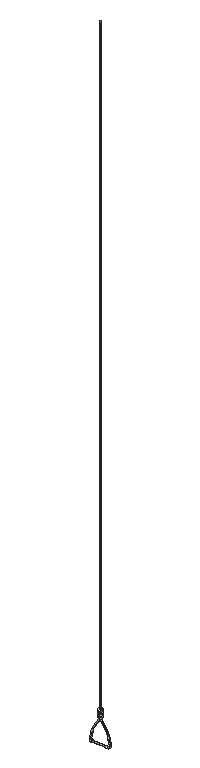
Revit family "Wire-HunterDouglas-Box-DeepBox-Series", category Specialty Equipment, Revit 2012
Parameters (values of type "Parametric")
  ecoScorecard_data = "http://products.ecoscorecard.com/hunterdouglascontract/LBD2468L"
  ecoScorecard Product Page = "http://hunterdouglascontract.ecoscorecard.com/product/LBD2468L?base_search=product_category_A1035"
  Wire Hanger = Metal - Aluminum Frame - HunterDouglas - Painted White
  URL = "http://www.hunterdouglascontract.com/ceilings/index.jsp"
  Subcategory = "Metal – Linear"  # constant formula
  Product Line = "6-7 Box Series & Deep Box"  # constant formula
  Model = "6-7 Box Series & Deep Box Hanger Wire"  # constant formula
  Manufacturer = "Hunter Douglas Luxalon Metal Ceilings"  # constant formula
  Hanger Wire Height [instance] = 3' - 0"
  Description = "Hanger_Wire"  # constant formula
  Assembly Code = "C3030200"
  95 CSI = "09510"  # constant formula
  04 CSI = "09 51 00"  # constant formula
Reference planes (in)
  plane 1 "Center (Front/Back)": y = 0
  plane 2: z = 0
  plane 3 "Center (Left/Right)": x = 0
  plane 4: x = -0.77248
  plane 5: x = 0.77248
  plane 6: z = 2.4375
  plane 7: z = 2.5
  plane 8: z = 36
Dimensions and locks (in)
  equal spacing: plane 4, plane 3 "Center (Left/Right)", plane 5
  plane 4 to plane 5 = 0' - 1.54495"
  locked: plane 6 to plane 7 at 0.0625
  locked: plane 6 to level at 2.4375
  "Hanger Wire Height": plane 8 to level
  aligned and locked: level to plane 2
  aligned and locked: plane 3 "Center (Left/Right)" to nested 1
  aligned and locked: plane 1 "Center (Front/Back)" to nested 1
  aligned and locked: plane 6 to nested 1
Nested families (in)
  nested 1: "Wire" at (0, 0, 0), type "Parametric"
Definition of nested family "Wire"
  Parameters (values of type "Parametric")
    Wire Hanger = Metal - Aluminum Frame - HunterDouglas - Painted White
    URL = "http://www.hunterdouglascontract.com/ceilings/index.jsp"
    Subcategory = "Metal – Linear"  # constant formula
    Product Line = "6-7 Box Series & Deep Box"  # constant formula
    Model = "6-7 Box Series & Deep Box Hanger Wire"  # constant formula
    Manufacturer = "Hunter Douglas Luxalon Metal Ceilings"  # constant formula
    HangerWire Length = 3' - 0"
    Description = "Hanger_Wire"  # constant formula
    Assembly Code = "C3030200"
    95 CSI = "09510"  # constant formula
    04 CSI = "09 51 00"  # constant formula
  Reference planes (in)
    plane 1 "Center (Front/Back)": y = 0
    plane 2: z = 0
    plane 3 "Center (Left/Right)": x = 0
    plane 4: x = -0.77248
    plane 5: x = 0.77248
    plane 6: z = 2.4375
    plane 7: z = 2.5
    plane 8: z = 36
  Forms (in)
    Sweep 1, solid, material "Metal - Aluminum Frame - HunterDouglas - Painted White" <- "Wire Hanger", detail levels fine
      path origin (0, 0, 0) x (1, 0, 0) y (0, 0, 1)
        loop
          line (0.03125, 36) -> (0.03125, 3.70793) -> (0.38236, 3.14135)
          arc (0.38236, 3.14135) -> (0.44435, 3.01623) -> (0.48166, 2.88166) r 0.73777
          line (0.48166, 2.88166) -> (0.5376, 2.56649)
          arc (0.5376, 2.56649) -> (0.51364, 2.47677) -> (0.42949, 2.4375) r 0.1098
          line (0.42949, 2.4375) -> (-0.42976, 2.4375)
          arc (-0.42976, 2.4375) -> (-0.51374, 2.47669) -> (-0.53765, 2.56622) r 0.10957
          line (-0.53765, 2.56622) -> (-0.48246, 2.87715)
          arc (-0.48246, 2.87715) -> (-0.44395, 3.01607) -> (-0.37995, 3.14524) r 0.76163
          line (-0.37995, 3.14524) -> (-0.0384, 3.69638)
      profile origin (-0.00014, 0, 2.4375) x (0, 0, -1) y (0, -1, 0)
        loop
          circle (-0.03125, 0) r 0.03125
    Revolve 2, solid, material "Metal - Aluminum Frame - HunterDouglas - Painted White" <- "Wire Hanger", detail levels fine
      sketch origin (-1.10243, 0, 0.17393) x (0.947216, 0, -0.320596) y (0.320596, 0, 0.947216)
        loop
          line (-0.19925, 4.08974) -> (-0.26999, 4.08974)
          arc (-0.26999, 4.08974) -> (-0.30124, 4.05849) -> (-0.26999, 4.02724) r 0.03125
          line (-0.26999, 4.02724) -> (-0.19925, 4.02724) -> (-0.19925, 4.08974)
        axis (-0.19925, 4.02724) -> (-0.19925, 4.08974)
      angle from 0 to 360
    Revolve 3, solid, material "Metal - Aluminum Frame - HunterDouglas - Painted White" <- "Wire Hanger", detail levels fine
      sketch origin (-1.10243, 0, 0.1083) x (0.947216, 0, -0.320596) y (0.320596, 0, 0.947216)
        loop
          line (-0.19925, 4.08974) -> (-0.26999, 4.08974)
          arc (-0.26999, 4.08974) -> (-0.30124, 4.05849) -> (-0.26999, 4.02724) r 0.03125
          line (-0.26999, 4.02724) -> (-0.19925, 4.02724) -> (-0.19925, 4.08974)
        axis (-0.19925, 4.02724) -> (-0.19925, 4.08974)
      angle from 0 to 360
    Revolve 4, solid, material "Metal - Aluminum Frame - HunterDouglas - Painted White" <- "Wire Hanger", detail levels fine
      sketch origin (-1.10243, 0, 0.04197) x (0.947216, 0, -0.320596) y (0.320596, 0, 0.947216)
        loop
          line (-0.19925, 4.08974) -> (-0.26999, 4.08974)
          arc (-0.26999, 4.08974) -> (-0.30124, 4.05849) -> (-0.26999, 4.02724) r 0.03125
          line (-0.26999, 4.02724) -> (-0.19925, 4.02724) -> (-0.19925, 4.08974)
        axis (-0.19925, 4.02724) -> (-0.19925, 4.08974)
      angle from 0 to 360
    Revolve 5, solid, material "Metal - Aluminum Frame - HunterDouglas - Painted White" <- "Wire Hanger", detail levels fine
      sketch origin (-1.10243, 0, -0.02402) x (0.947216, 0, -0.320596) y (0.320596, 0, 0.947216)
        loop
          line (-0.19925, 4.08974) -> (-0.26999, 4.08974)
          arc (-0.26999, 4.08974) -> (-0.30124, 4.05849) -> (-0.26999, 4.02724) r 0.03125
          line (-0.26999, 4.02724) -> (-0.19925, 4.02724) -> (-0.19925, 4.08974)
        axis (-0.19925, 4.02724) -> (-0.19925, 4.08974)
      angle from 0 to 360
    Revolve 6, solid, material "Metal - Aluminum Frame - HunterDouglas - Painted White" <- "Wire Hanger", detail levels fine
      sketch origin (-1.10243, 0, -0.09) x (0.947216, 0, -0.320596) y (0.320596, 0, 0.947216)
        loop
          line (-0.19925, 4.08974) -> (-0.26999, 4.08974)
          arc (-0.26999, 4.08974) -> (-0.30124, 4.05849) -> (-0.26999, 4.02724) r 0.03125
          line (-0.26999, 4.02724) -> (-0.19925, 4.02724) -> (-0.19925, 4.08974)
        axis (-0.19925, 4.02724) -> (-0.19925, 4.08974)
      angle from 0 to 360
    Revolve 7, solid, material "Metal - Aluminum Frame - HunterDouglas - Painted White" <- "Wire Hanger", detail levels fine
      sketch origin (-1.10243, 0, -0.15751) x (0.947216, 0, -0.320596) y (0.320596, 0, 0.947216)
        loop
          line (-0.19925, 4.08974) -> (-0.26999, 4.08974)
          arc (-0.26999, 4.08974) -> (-0.30124, 4.05849) -> (-0.26999, 4.02724) r 0.03125
          line (-0.26999, 4.02724) -> (-0.19925, 4.02724) -> (-0.19925, 4.08974)
        axis (-0.19925, 4.02724) -> (-0.19925, 4.08974)
      angle from 0 to 360
  Cuts and joins
    joined: Sweep 1, Revolve 3, Revolve 5, Revolve 7
  Lines and regions (in)
    model lines, style "Wire", detail levels coarse+medium
      curve 1: line (0, 0, 36) -> (0, 0, 2.5)
    symbolic lines, style "Wire", detail levels fine
      curve 2: line (-0.50903, 0.03125, 0) -> (-0.08588, 0.03125, 0)
      curve 3: line (0.50903, -0.03126, 0) -> (0.10541, -0.03126, 0)
      curve 4: arc (0.50903, 0.03125, 0) -> (0.54029, 0, 0) -> (0.50903, -0.03126, 0) r 0.03125
      curve 5: arc (-0.50903, 0.03125, 0) -> (-0.54029, 0, 0) -> (-0.50903, -0.03126, 0) r 0.03125
      curve 6: circle (0.00977, 0, 0) r 0.10062 normal (0, 0, 1)
      curve 7: circle (0, 0, 0) r 0.03125 normal (0, 0, 1)
      curve 8: line (0.10541, 0.03125, 0) -> (0.50903, 0.03125, 0)
      curve 9: line (-0.08587, -0.03126, 0) -> (-0.50903, -0.03126, 0)
      curve 43: line (-0.03122, 0, 36) -> (0.03122, 0, 36)
      curve 44: line (0.03122, 0, 36) -> (0.03122, 0, 4.1081)
      curve 45: line (-0.04684, 0, 4.13498) -> (0.08788, 0, 4.08859)
      curve 46: line (-0.07537, 0, 4.07858) -> (0.06749, 0, 4.02939)
      curve 47: arc (0.08788, 0, 4.08859) -> (0.10729, 0, 4.0488) -> (0.06749, 0, 4.02939) r 0.03131
      curve 48: arc (-0.04684, 0, 4.13498) -> (-0.08569, 0, 4.11922) -> (-0.07537, 0, 4.07858) r 0.0319
      curve 49: arc (0.08788, 0, 4.02237) -> (0.10784, 0, 3.98437) -> (0.0711, 0, 3.96216) r 0.03131
      curve 50: arc (-0.04684, 0, 4.06876) -> (-0.08551, 0, 4.05335) -> (-0.07602, 0, 4.01282) r 0.0319
      curve 51: line (-0.07602, 0, 4.01282) -> (0.0711, 0, 3.96216)
      curve 52: arc (0.08788, 0, 3.95615) -> (0.10784, 0, 3.91815) -> (0.0711, 0, 3.89594) r 0.03131
      curve 53: arc (-0.04684, 0, 4.00254) -> (-0.08551, 0, 3.98713) -> (-0.07602, 0, 3.9466) r 0.0319
      curve 54: line (-0.07602, 0, 3.9466) -> (0.0711, 0, 3.89594)
      curve 55: arc (0.08788, 0, 3.88993) -> (0.10784, 0, 3.85193) -> (0.0711, 0, 3.82972) r 0.03131
      curve 56: arc (-0.04684, 0, 3.93632) -> (-0.08551, 0, 3.92091) -> (-0.07602, 0, 3.88038) r 0.0319
      curve 57: line (-0.07602, 0, 3.88038) -> (0.0711, 0, 3.82972)
      curve 58: arc (0.08788, 0, 3.82371) -> (0.10784, 0, 3.78571) -> (0.0711, 0, 3.7635) r 0.03131
      curve 59: arc (-0.04684, 0, 3.8701) -> (-0.08551, 0, 3.85469) -> (-0.07602, 0, 3.81416) r 0.0319
      curve 60: line (-0.07602, 0, 3.81416) -> (0.0711, 0, 3.7635)
      curve 61: arc (0.08788, 0, 3.75749) -> (0.10784, 0, 3.71949) -> (0.0711, 0, 3.69728) r 0.03131
      curve 62: arc (-0.04684, 0, 3.80388) -> (-0.08551, 0, 3.78847) -> (-0.07602, 0, 3.74794) r 0.0319
      curve 63: line (-0.07602, 0, 3.74794) -> (0.0711, 0, 3.69728)
      curve 64: line (-0.0384, 0, 3.69638) -> (-0.37724, 0, 3.14961)
      curve 65: line (-0.53854, 0, 2.57083) -> (-0.47845, 0, 2.89346)
      curve 66: arc (-0.47845, 0, 2.89346) -> (-0.43931, 0, 3.02606) -> (-0.37724, 0, 3.14961) r 0.77561
      curve 67: arc (-0.53854, 0, 2.57083) -> (-0.5193, 0, 2.48393) -> (-0.44337, 0, 2.4375) r 0.11373
      curve 68: line (0.08629, 0, 3.61911) -> (-0.0384, 0, 3.69638)
      curve 69: spline (-0.02925, 0, 3.69071) -> (-0.02601, 0, 3.69164) -> (-0.02149, 0, 3.69294) -> (-0.01593, 0, 3.69453) -> (-0.00958, 0, 3.69634) -> (-0.00276, 0, 3.69828) -> (0.00419, 0, 3.70026) -> (0.01093, 0, 3.70218) -> (0.01714, 0, 3.70394) -> (0.02251, 0, 3.70547) -> (0.02678, 0, 3.70667) -> (0.02974, 0, 3.70751) -> (0.03125, 0, 3.70793)
      curve 70: line (0, 0, 3.6397) -> (-0.32412, 0, 3.11669)
      curve 71: arc (-0.41709, 0, 2.88159) -> (-0.3811, 0, 3.00329) -> (-0.32412, 0, 3.11669) r 0.71311
      curve 72: line (-0.4771, 0, 2.55939) -> (-0.41709, 0, 2.88159)
      curve 73: arc (-0.4771, 0, 2.55939) -> (-0.46843, 0, 2.52024) -> (-0.43423, 0, 2.49933) r 0.05123
      curve 74: line (0.03122, 0, 36) -> (-0.03122, 0, 36)
      curve 75: line (-0.03122, 0, 36) -> (-0.03122, 0, 4.1296)
      curve 76: line (0.02882, 0, 3.71184) -> (0.37724, 0, 3.14961)
      curve 77: line (0.53854, 0, 2.57083) -> (0.47845, 0, 2.89346)
      curve 78: arc (0.47845, 0, 2.89346) -> (0.43931, 0, 3.02606) -> (0.37724, 0, 3.14961) r 0.77561
      curve 79: arc (0.53854, 0, 2.57083) -> (0.5193, 0, 2.48393) -> (0.44337, 0, 2.4375) r 0.11373
      curve 80: arc (0.4771, 0, 2.55939) -> (0.46843, 0, 2.52024) -> (0.43423, 0, 2.49933) r 0.05123
      curve 81: line (0.4771, 0, 2.55939) -> (0.41709, 0, 2.88159)
      curve 82: arc (0.41709, 0, 2.88159) -> (0.3811, 0, 3.00329) -> (0.32412, 0, 3.11669) r 0.71311
      curve 83: line (0, 0, 3.6397) -> (0.32412, 0, 3.11669)
      curve 84: line (-0.43423, 0, 2.49933) -> (0.43423, 0, 2.49933)
      curve 85: line (0.44337, 0, 2.4375) -> (-0.44337, 0, 2.4375)
      curve 86: line (-0.03122, 0, 3.73252) -> (-0.03122, 0, 3.69194)
    symbolic lines, style "Wire"
      curve 10: line (0, 0.03125, 36) -> (0, -0.03125, 36)
      curve 11: line (0, 0.03125, 2.46831) -> (0, 0.03125, 3.69854)
      curve 12: line (0, -0.03125, 36) -> (0, -0.03125, 4.05165)
      curve 13: arc (0, -0.08474, 4.0503) -> (0, -0.10167, 4.01557) -> (0, -0.08145, 3.98266) r 0.04011
      curve 14: arc (0, -0.08145, 3.98266) -> (0, -0.04212, 3.96692) -> (0, 0, 3.96236) r 0.15569
      curve 15: arc (0, 0.08474, 4.0503) -> (0, 0.10167, 4.01557) -> (0, 0.08145, 3.98266) r 0.04011
      curve 16: arc (0, 0.08145, 3.98266) -> (0, 0.04212, 3.96692) -> (0, 0, 3.96236) r 0.15569
      curve 17: arc (0, 0.03125, 4.05165) -> (0, 0, 4.04216) -> (0, -0.03125, 4.05165) r 0.05621
      curve 18: arc (0, -0.08169, 3.9828) -> (0, -0.10172, 3.94794) -> (0, -0.08145, 3.91321) r 0.04011
      curve 19: arc (0, -0.08145, 3.91321) -> (0, -0.04212, 3.89747) -> (0, 0, 3.89291) r 0.15569
      curve 20: arc (0, 0.08169, 3.9828) -> (0, 0.10172, 3.94794) -> (0, 0.08145, 3.91321) r 0.04011
      curve 21: arc (0, 0.08145, 3.91321) -> (0, 0.04212, 3.89747) -> (0, 0, 3.89291) r 0.15569
      curve 22: arc (0, -0.08474, 3.91531) -> (0, -0.10167, 3.88058) -> (0, -0.08145, 3.84767) r 0.04011
      curve 23: arc (0, -0.08145, 3.84767) -> (0, -0.04212, 3.83193) -> (0, 0, 3.82736) r 0.15569
      curve 24: arc (0, 0.08474, 3.91531) -> (0, 0.10167, 3.88058) -> (0, 0.08145, 3.84767) r 0.04011
      curve 25: arc (0, 0.08145, 3.84767) -> (0, 0.04212, 3.83193) -> (0, 0, 3.82736) r 0.15569
      curve 26: arc (0, -0.08474, 3.84977) -> (0, -0.10167, 3.81504) -> (0, -0.08145, 3.78213) r 0.04011
      curve 27: arc (0, -0.08145, 3.78213) -> (0, -0.04212, 3.76638) -> (0, 0, 3.76182) r 0.15569
      curve 28: arc (0, 0.08474, 3.84977) -> (0, 0.10167, 3.81504) -> (0, 0.08145, 3.78213) r 0.04011
      curve 29: arc (0, 0.08145, 3.78213) -> (0, 0.04212, 3.76638) -> (0, 0, 3.76182) r 0.15569
      curve 30: arc (0, -0.08474, 3.78422) -> (0, -0.10167, 3.7495) -> (0, -0.08145, 3.71659) r 0.04011
      curve 31: arc (0, -0.08145, 3.71659) -> (0, -0.04212, 3.70084) -> (0, 0, 3.69628) r 0.15569
      curve 32: arc (0, 0.08474, 3.78422) -> (0, 0.10167, 3.7495) -> (0, 0.08145, 3.71659) r 0.04011
      curve 33: arc (0, 0.08145, 3.71659) -> (0, 0.04212, 3.70084) -> (0, 0, 3.69628) r 0.15569
      curve 34: line (0, 0.03125, 4.05165) -> (0, 0.03125, 36)
      curve 35: line (0, -0.03125, 3.69854) -> (0, -0.03125, 2.46831)
      curve 36: arc (0, -0.03125, 2.46831) -> (0, 0, 2.43706) -> (0, 0.03125, 2.46831) r 0.03125
      curve 37: arc (0, -0.08474, 4.11584) -> (0, -0.10167, 4.08112) -> (0, -0.08145, 4.0482) r 0.04011
      curve 38: arc (0, -0.08145, 4.0482) -> (0, -0.04212, 4.03246) -> (0, 0, 4.0279) r 0.15569
      curve 39: arc (0, 0.08474, 4.11584) -> (0, 0.10167, 4.08112) -> (0, 0.08145, 4.0482) r 0.04011
      curve 40: arc (0, 0.08145, 4.0482) -> (0, 0.04212, 4.03246) -> (0, 0, 4.0279) r 0.15569
      curve 41: arc (0, -0.08474, 4.11584) -> (0, -0.05931, 4.12919) -> (0, -0.03125, 4.13531) r 0.10721
      curve 42: arc (0, 0.08474, 4.11584) -> (0, 0.05931, 4.12919) -> (0, 0.03125, 4.13531) r 0.10721
  Dimensions and locks (in)
    equal spacing: plane 4, plane 3 "Center (Left/Right)", plane 5
    plane 4 to plane 5 = 0' - 1.54495"
    locked: plane 6 to plane 7 at 0.0625
    locked: plane 6 to level at 2.4375
    "HangerWire Length": plane 8 to level
    aligned and locked: level to plane 2
    aligned and locked: Sweep 1 sketch curve to plane 6
    aligned and locked: plane 8 to Sweep 1 sketch curve
    aligned and locked: curve 1 to plane 3 "Center (Left/Right)"
    aligned and locked: plane 7 to curve 1
    aligned and locked: plane 8 to curve 1
    aligned and locked: curve 7 to cut or joined group of Sweep 1, Revolve 3, Revolve 5, Revolve 7
    aligned and locked: curve 68 to cut or joined group of Sweep 1, Revolve 3, Revolve 5, Revolve 7
  Automatic sketch dimensions
    Sweep 1 sketch curve to plane 1 "Center (Front/Back)" = 0' - 0"
    profile plane to Sweep 1 sketch curve = 0' - 0 1/32"
    Revolve 2 sketch curve to plane 3 "Center (Left/Right)" = 0' - 0.06706"
    Revolve 2 sketch curve to Revolve 2 sketch curve = 0' - 0.07074"
    Revolve 2 sketch curve to Revolve 2 sketch curve = 0' - 0"  (x2)
    Revolve 2 sketch curve to Revolve 2 sketch curve = 0' - 0 1/32"
    Revolve 2 sketch curve to Revolve 2 sketch curve = 0' - 0.02781"
    Revolve 3 sketch curve to plane 3 "Center (Left/Right)" = 0' - 0.06706"
    Revolve 3 sketch curve to Revolve 3 sketch curve = 0' - 0.07074"
    Revolve 3 sketch curve to Revolve 3 sketch curve = 0' - 0"  (x2)
    Revolve 3 sketch curve to Revolve 3 sketch curve = 0' - 0 1/32"
    Revolve 3 sketch curve to Revolve 3 sketch curve = 0' - 0.02781"
    Revolve 4 sketch curve to plane 3 "Center (Left/Right)" = 0' - 0.06706"
    Revolve 4 sketch curve to Revolve 4 sketch curve = 0' - 0.07074"
    Revolve 4 sketch curve to Revolve 4 sketch curve = 0' - 0"  (x2)
    Revolve 4 sketch curve to Revolve 4 sketch curve = 0' - 0 1/32"
    Revolve 4 sketch curve to Revolve 4 sketch curve = 0' - 0.02781"
    Revolve 5 sketch curve to plane 3 "Center (Left/Right)" = 0' - 0.06706"
    Revolve 5 sketch curve to Revolve 5 sketch curve = 0' - 0.07074"
    Revolve 5 sketch curve to Revolve 5 sketch curve = 0' - 0"  (x2)
    Revolve 5 sketch curve to Revolve 5 sketch curve = 0' - 0 1/32"
    Revolve 5 sketch curve to Revolve 5 sketch curve = 0' - 0.02781"
    Revolve 6 sketch curve to plane 3 "Center (Left/Right)" = 0' - 0.06706"
    Revolve 6 sketch curve to Revolve 6 sketch curve = 0' - 0.07074"
    Revolve 6 sketch curve to Revolve 6 sketch curve = 0' - 0"  (x2)
    Revolve 6 sketch curve to Revolve 6 sketch curve = 0' - 0 1/32"
    Revolve 6 sketch curve to Revolve 6 sketch curve = 0' - 0.02781"
    Revolve 7 sketch curve to plane 3 "Center (Left/Right)" = 0' - 0.06706"
    Revolve 7 sketch curve to Revolve 7 sketch curve = 0' - 0.07074"
    Revolve 7 sketch curve to Revolve 7 sketch curve = 0' - 0"  (x2)
    Revolve 7 sketch curve to Revolve 7 sketch curve = 0' - 0 1/32"
    Revolve 7 sketch curve to Revolve 7 sketch curve = 0' - 0.02781"
    plane 7 to Sweep 1 sketch curve = 0' - 0.06622"
    Sweep 1 sketch curve to plane 4 = 0' - 0.23483"
    Sweep 1 sketch curve to plane 4 = 0' - 0.29002"
    Sweep 1 sketch curve to Sweep 1 sketch curve = 0' - 0.10788"
    Sweep 1 sketch curve to Sweep 1 sketch curve = 0' - 0.10251"
    Sweep 1 sketch curve to plane 3 "Center (Left/Right)" = 0' - 0.24476"
    Sweep 1 sketch curve to plane 3 "Center (Left/Right)" = 0' - 0.0384"
    plane 3 "Center (Left/Right)" to Sweep 1 sketch curve = 0' - 0 1/32"
    plane 3 "Center (Left/Right)" to Sweep 1 sketch curve = 0' - 0.26745"
    plane 3 "Center (Left/Right)" to Sweep 1 sketch curve = 0' - 0.38236"
    Sweep 1 sketch curve to plane 5 = 0' - 0.34298"
    Sweep 1 sketch curve to Sweep 1 sketch curve = 0' - 0.21421"
    plane 7 to Sweep 1 sketch curve = 0' - 0.06649"
    Sweep 1 sketch curve to Sweep 1 sketch curve = 0' - 0.10811"
    plane 7 to Sweep 1 sketch curve = 0' - 0.24405"
    plane 7 to Sweep 1 sketch curve = 0' - 0.25273"
    Sweep 1 sketch curve to Sweep 1 sketch curve = 0' - 0.12442"
    Sweep 1 sketch curve to Sweep 1 sketch curve = 0' - 0.13761"
    Sweep 1 sketch curve to Sweep 1 sketch curve = 0' - 0.55114"
    Sweep 1 sketch curve to Sweep 1 sketch curve = 0' - 0.01154"
    plane 7 to Revolve 2 sketch curve = 0' - 1.57516"
    plane 7 to Revolve 3 sketch curve = 0' - 1.50953"
    plane 7 to Revolve 4 sketch curve = 0' - 1.44319"
    plane 7 to Revolve 5 sketch curve = 0' - 1.37721"
    plane 7 to Revolve 6 sketch curve = 0' - 1.31123"
    plane 7 to Revolve 7 sketch curve = 0' - 1.24371"
    plane 1 "Center (Front/Back)" to curve 6 = 0' - 0"
    curve 2 to plane 1 "Center (Front/Back)" = 0' - 0 1/32"
    curve 2 to plane 4 = 0' - 0.26344"
    plane 3 "Center (Left/Right)" to curve 6 = 0' - 0.00977"
    plane 1 "Center (Front/Back)" to curve 3 = 0' - 0 1/32"
    curve 3 to plane 5 = 0' - 0.26344"
    plane 3 "Center (Left/Right)" to curve 8 = 0' - 0.10541"
    plane 1 "Center (Front/Back)" to curve 4 = 0' - 0"
    plane 1 "Center (Front/Back)" to curve 5 = 0' - 0 1/32"
    curve 12 to plane 8 = 0' - 0"
    curve 17 to plane 1 "Center (Front/Back)" = 0' - 0"
    curve 25 to plane 1 "Center (Front/Back)" = 0' - 0"
    curve 21 to plane 1 "Center (Front/Back)" = 0' - 0"
    curve 33 to plane 1 "Center (Front/Back)" = 0' - 0"
    curve 38 to plane 1 "Center (Front/Back)" = 0' - 0"
    curve 36 to plane 1 "Center (Front/Back)" = 0' - 0"
    curve 14 to plane 1 "Center (Front/Back)" = 0' - 0"
    curve 27 to plane 1 "Center (Front/Back)" = 0' - 0"
    plane 1 "Center (Front/Back)" to curve 19 = 0' - 0.00445"
    plane 1 "Center (Front/Back)" to curve 23 = 0' - 0.00445"
    plane 1 "Center (Front/Back)" to curve 14 = 0' - 0.00445"
    plane 1 "Center (Front/Back)" to curve 27 = 0' - 0.00445"
    plane 1 "Center (Front/Back)" to curve 38 = 0' - 0.00445"
    plane 1 "Center (Front/Back)" to curve 31 = 0' - 0.00445"
    plane 1 "Center (Front/Back)" to curve 41 = 0' - 0.02264"
    plane 1 "Center (Front/Back)" to curve 10 = 0' - 0 1/32"
    curve 36 to curve 36 = 0' - 0 1/32"
    curve 30 to curve 35 = 0' - 0.03036"
    plane 1 "Center (Front/Back)" to curve 26 = 0' - 0.06161"
    curve 13 to curve 41 = 0' - 0.03896"
    plane 1 "Center (Front/Back)" to curve 22 = 0' - 0.06161"
    curve 27 to curve 30 = 0' - 0.01984"
    curve 18 to curve 22 = 0' - 0.01984"
    curve 30 to curve 30 = 0' - 0.01984"
    curve 26 to curve 27 = 0' - 0"
    curve 38 to curve 13 = 0' - 0.01984"
    curve 37 to curve 38 = 0' - 0"
    curve 19 to curve 18 = 0' - 0"
    curve 31 to curve 30 = 0' - 0"
    curve 22 to curve 26 = 0' - 0.01984"
    curve 13 to curve 18 = 0' - 0.01984"
    curve 14 to curve 13 = 0' - 0"
    curve 23 to curve 22 = 0' - 0"
    curve 18 to curve 13 = 0' - 0.00025"
    curve 30 to curve 26 = 0' - 0.0033"
    curve 13 to curve 38 = 0' - 0.0033"
    curve 22 to curve 19 = 0' - 0.0033"
    curve 41 to curve 37 = 0' - 0.02313"
    curve 26 to curve 22 = 0' - 0.0033"
    curve 25 to plane 1 "Center (Front/Back)" = 0' - 0.00445"
    curve 29 to plane 1 "Center (Front/Back)" = 0' - 0.00445"
    curve 40 to plane 1 "Center (Front/Back)" = 0' - 0.00445"
    curve 16 to plane 1 "Center (Front/Back)" = 0' - 0.00445"
    curve 33 to plane 1 "Center (Front/Back)" = 0' - 0.00445"
    curve 21 to plane 1 "Center (Front/Back)" = 0' - 0.00445"
    curve 42 to plane 1 "Center (Front/Back)" = 0' - 0.02264"
    curve 10 to plane 1 "Center (Front/Back)" = 0' - 0 1/32"
    curve 24 to plane 1 "Center (Front/Back)" = 0' - 0.06161"
    curve 42 to curve 15 = 0' - 0.03896"
    curve 11 to curve 32 = 0' - 0.03036"
    curve 28 to plane 1 "Center (Front/Back)" = 0' - 0.06161"
    curve 20 to curve 16 = 0' - 0.01984"
    curve 32 to curve 28 = 0' - 0.01984"
    curve 28 to curve 25 = 0' - 0.01984"
    curve 24 to curve 25 = 0' - 0"
    curve 29 to curve 28 = 0' - 0"
    curve 32 to curve 32 = 0' - 0.01984"
    curve 24 to curve 21 = 0' - 0.01984"
    curve 20 to curve 21 = 0' - 0"
    curve 15 to curve 16 = 0' - 0"
    curve 15 to curve 40 = 0' - 0.01984"
    curve 39 to curve 40 = 0' - 0"
    curve 33 to curve 32 = 0' - 0"
    curve 16 to curve 20 = 0' - 0.00025"
    curve 39 to curve 39 = 0' - 0.02313"
    curve 28 to curve 32 = 0' - 0.0033"
    curve 25 to curve 28 = 0' - 0.0033"
    curve 20 to curve 24 = 0' - 0.0033"
    plane 7 to curve 40 = 0' - 1.68352"
    curve 38 to curve 40 = 0' - 0"
    curve 42 to curve 40 = 0' - 0.04821"
    curve 41 to curve 38 = 0' - 0.04821"
    curve 41 to curve 41 = 0' - 0.01947"
    curve 14 to curve 41 = 0' - 0.01733"
    curve 14 to curve 16 = 0' - 0"
    curve 17 to curve 14 = 0' - 0.01961"
    curve 38 to curve 21 = 0' - 0.02063"
    curve 19 to curve 21 = 0' - 0"
    curve 16 to curve 25 = 0' - 0.02063"
    curve 23 to curve 25 = 0' - 0"
    curve 16 to curve 20 = 0' - 0.00014"
    curve 19 to curve 29 = 0' - 0.02454"
    curve 27 to curve 29 = 0' - 0"
    curve 20 to curve 24 = 0' - 0.00209"
    curve 25 to curve 33 = 0' - 0.02454"
    curve 31 to curve 33 = 0' - 0"
    curve 22 to curve 26 = 0' - 0.00209"
    curve 28 to curve 32 = 0' - 0.00209"
    curve 36 to plane 6 = 0' - 0.03081"
    curve 37 to curve 41 = 0' - 0.05349"
    curve 18 to curve 13 = 0' - 0.02008"
    curve 39 to curve 39 = 0' - 0.01984"
    curve 20 to curve 24 = 0' - 0.02313"
    curve 39 to curve 15 = 0' - 0.0033"
    curve 31 to curve 38 = 0' - 0.33162"
    curve 41 to curve 12 = 0' - 0.0232"
    curve 66 to curve 71 = 0' - 0"  (x2)
    curve 67 to curve 73 = 0' - 0"  (x2)
    curve 78 to curve 82 = 0' - 0"  (x2)
    curve 79 to curve 80 = 0' - 0"  (x2)
    curve 67 to plane 6 = 0' - 0"
    curve 74 to plane 8 = 0' - 0"
    curve 83 to plane 3 "Center (Left/Right)" = 0' - 0"
    curve 69 to plane 3 "Center (Left/Right)" = 0' - 0.02925"
    curve 86 to curve 69 = 0' - 0.00197"
    curve 75 to plane 3 "Center (Left/Right)" = 0' - 0.03122"
    curve 69 to curve 86 = 0' - 0.00021"
    curve 64 to curve 86 = 0' - 0.00718"
    curve 62 to plane 3 "Center (Left/Right)" = 0' - 0.04684"
    curve 48 to curve 75 = 0' - 0 1/64"
    curve 59 to plane 3 "Center (Left/Right)" = 0' - 0.04684"
    curve 53 to plane 3 "Center (Left/Right)" = 0' - 0.04684"
    curve 56 to plane 3 "Center (Left/Right)" = 0' - 0.04684"
    curve 50 to plane 3 "Center (Left/Right)" = 0' - 0.04684"
    curve 59 to curve 59 = 0' - 0.01039"
    curve 50 to curve 50 = 0' - 0.01039"
    curve 48 to curve 48 = 0' - 0.01039"
    curve 62 to curve 62 = 0' - 0.01039"
    curve 56 to curve 56 = 0' - 0.01039"
    curve 53 to curve 53 = 0' - 0.01039"
    curve 46 to curve 50 = 0' - 0.02853"
    curve 59 to curve 62 = 0' - 0.02918"
    curve 54 to curve 56 = 0' - 0.02918"
    curve 63 to curve 62 = 0' - 0.01879"
    curve 56 to curve 59 = 0' - 0.02918"
    curve 50 to curve 53 = 0' - 0.02918"
    curve 70 to plane 3 "Center (Left/Right)" = 0' - 0.32412"
    curve 64 to curve 71 = 0' - 0.05313"
    curve 71 to curve 78 = 0' - 0.13505"
    plane 7 to curve 73 = 0' - 0.05001"
    curve 73 to curve 78 = 0' - 0.14469"
    curve 73 to plane 7 = 0' - 0.00067"
    curve 73 to curve 67 = 0' - 0.0075"
    curve 85 to curve 84 = 0' - 0.00915"
    curve 73 to curve 67 = 0' - 0.05037"
    curve 65 to curve 71 = 0' - 0.06136"
    plane 7 to curve 65 = 0' - 0.07083"
    plane 3 "Center (Left/Right)" to curve 69 = 0' - 0"
    plane 3 "Center (Left/Right)" to curve 76 = 0' - 0.02882"
    plane 3 "Center (Left/Right)" to curve 43 = 0' - 0.03122"
    curve 76 to curve 69 = 0' - 0.00243"
    plane 3 "Center (Left/Right)" to curve 47 = 0' - 0.06749"
    curve 69 to curve 63 = 0' - 0.03985"
    curve 58 to curve 63 = 0' - 0"
    curve 47 to curve 49 = 0' - 0.00361"
    curve 55 to curve 60 = 0' - 0"
    curve 51 to curve 54 = 0' - 0"
    curve 63 to curve 61 = 0' - 0.00658"
    curve 57 to curve 55 = 0' - 0.00658"
    curve 46 to curve 47 = 0' - 0.01019"
    curve 49 to curve 49 = 0' - 0.00658"
    curve 60 to curve 58 = 0' - 0.00658"
    curve 54 to curve 52 = 0' - 0.00658"
    curve 61 to curve 68 = 0' - 0.01519"
    curve 47 to curve 49 = 0' - 0.02038"
    curve 58 to curve 61 = 0' - 0.01678"
    curve 51 to curve 52 = 0' - 0.01678"
    curve 55 to curve 58 = 0' - 0.01678"
    curve 47 to curve 47 = 0' - 0.01019"
    curve 52 to curve 55 = 0' - 0.01678"
    plane 3 "Center (Left/Right)" to curve 71 = 0' - 0.28204"
    plane 3 "Center (Left/Right)" to curve 83 = 0' - 0.32412"
    curve 83 to curve 76 = 0' - 0.05313"
    curve 66 to curve 81 = 0' - 0.13505"
    plane 7 to curve 80 = 0' - 0.05001"
    curve 66 to curve 80 = 0' - 0.14469"
    curve 79 to curve 80 = 0' - 0.0075"
    curve 84 to curve 79 = 0' - 0.00915"
    curve 79 to curve 80 = 0' - 0.05037"
    curve 81 to curve 78 = 0' - 0.06136"
    curve 80 to curve 79 = 0' - 0.06144"
    curve 79 to curve 71 = 0' - 0.19104"
    curve 67 to curve 82 = 0' - 0.19104"
    curve 66 to curve 81 = 0' - 0.14054"
    curve 71 to curve 65 = 0' - 0.01187"
    curve 81 to curve 78 = 0' - 0.01187"
    curve 83 to curve 69 = 0' - 0.05101"
    curve 69 to curve 86 = 0' - 0.00186"
    curve 63 to curve 69 = 0' - 0.01064"
    curve 63 to curve 61 = 0' - 0.03061"
    curve 64 to curve 86 = 0' - 0.03613"
    curve 61 to curve 58 = 0' - 0.00601"
    curve 62 to curve 62 = 0' - 0.02577"
    curve 60 to curve 58 = 0' - 0.03061"
    curve 62 to curve 60 = 0' - 0.01028"
    curve 58 to curve 57 = 0' - 0.00601"
    curve 60 to curve 59 = 0' - 0.02577"
    curve 57 to curve 55 = 0' - 0.03061"
    curve 59 to curve 57 = 0' - 0.01028"
    curve 55 to curve 54 = 0' - 0.00601"
    curve 56 to curve 56 = 0' - 0.02577"
    curve 54 to curve 52 = 0' - 0.03061"
    curve 56 to curve 53 = 0' - 0.01028"
    curve 52 to curve 49 = 0' - 0.00601"
    curve 53 to curve 53 = 0' - 0.02577"
    curve 49 to curve 49 = 0' - 0.03061"
    curve 53 to curve 51 = 0' - 0.01028"
    curve 49 to curve 47 = 0' - 0.00702"
    curve 51 to curve 50 = 0' - 0.02577"
    curve 46 to curve 47 = 0' - 0.0296"
    curve 46 to curve 48 = 0' - 0.02623"
    radius of Sweep 1 sketch curve = 0' - 0 1/32"
